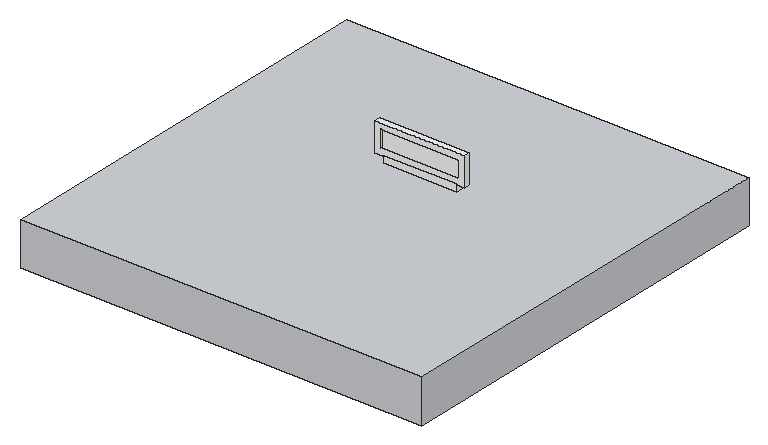
Revit family "Zumtobel EPURIA W", category Lighting Fixtures, host Face, Revit 2016
Family settings
  Host = Face
  Part Type = Normal
  Round Connector Dimension = Use Diameter
  OmniClass Number = 23.80.70.11
  OmniClass Title = Luminaries for Internal Lighting
  Cut with Voids When Loaded = No
  Light Source = Yes
  Shared = No
  Room Calculation Point = No
Parameters (values of type "EPURIA W DI 6500-940 WH LDE")
  Width = 200 mm  # constant formula
  Wattage Comments = ""
  Wattage = 43.7587 W
  built-in parameter 1150110 = 1 (stored number, unit not read)
  Voltage = 230 V
  URL = "http://www.zumtobel.com/42187610"
  Type Comments = "© Zumtobel. We reserve the right to make technical changes without prior notice."  # constant formula
  built-in parameter 1114217 = 1 (stored number, unit not read)
  Tilt Angle = -90.00°
  built-in parameter 1150109 = 1 (stored number, unit not read)
  built-in parameter 1150134 = 12
  built-in parameter 1150113 = 1 (stored number, unit not read)
  Reflector = ZG_Metal_White_Self_Illumination
  Photometric Web File = "42187610_(STD_LEO).IES"
  Model = "42187610"
  Manufacturer = "Zumtobel Lighting"  # constant formula
  built-in parameter 1150105 = 517.25 (stored number, unit not read)
  Lumens = 6500 lm
  built-in parameter 1150115 = 1 (stored number, unit not read)
  built-in parameter 1150137 = (empty or 0)
  built-in parameter 1150139 = (empty or 0)
  Length = 629 mm  # constant formula
  built-in parameter 1150112 = 1 (stored number, unit not read)
  built-in parameter 1150114 = 1 (stored number, unit not read)
  Lamp = "LED"
  built-in parameter 1150132 = 2
  built-in parameter 1150102 = (empty or 0)
  built-in parameter 1150107 = 4000 (stored number, unit not read)
  built-in parameter 1150138 = (empty or 0)
  built-in parameter 1150106 = 5.1725 (stored number, unit not read)
  Height = 38 mm  # constant formula
  Emit from Rectangle Width = 549 mm  # constant formula
  built-in parameter 1150128 = 120 mm  # constant formula
  Emit Shape Visible in Rendering = yes
  built-in parameter 1150104 = 13.8 (stored number, unit not read)
  Dimming Lamp Color Temperature Shift = <None>
  Description = "LED wall luminaire"  # constant formula
  Default Elevation = 2000 mm
  Color Filter = 16777215
  Body = ZG_Metal_White
  built-in parameter 1114218 = 1 (stored number, unit not read)
  Emit from Rectangle Length = 3048 mm
  Assembly Code = "D5020200"
  Apparent Load = 54.5 VA  # constant formula
Reference planes
  plane 1 "Center (Front/Back)": y = 0
  plane 2 "Top": z = 0
  plane 3 "Center (Left/Right)": x = 399.5
  plane 4: z = 148
Forms (mm)
  Extrusion 1, solid
    sketch origin (0, 0, 0) x (1, 0, 0) y (0, 1, 0)
      loop
        line (-1016.679, 1125) -> (-1016.679, -1737.29) -> (1803.321, -1737.29) -> (1803.321, 1125) -> (-1016.679, 1125)
    from 0 to -304.8
  Extrusion 2, solid, material "ZG_Metal_White" <- "Body"
    sketch origin (0, 0, -253.685) x (1, 0, 0) y (0, 0, 1)
      loop
        line (714, 301.685) -> (714, 501.685) -> (85, 501.685) -> (85, 301.685) -> (714, 301.685)
      loop
        line (674, 341.685) -> (674, 461.685) -> (125, 461.685) -> (125, 341.685) -> (674, 341.685)
    from -38 to 0
  Extrusion 3, solid, material "ZG_Metal_White" <- "Body"
    sketch origin (0, 0, -253.685) x (1, 0, 0) y (0, 0, 1)
      loop
        line (674, 341.685) -> (674, 461.685) -> (125, 461.685) -> (125, 341.685) -> (674, 341.685)
    from -38 to -5
  Extrusion 4, solid, material "ZG_Metal_White" <- "Body"
    sketch origin (0, 0, 0) x (1, 0, 0) y (0, 0, 1)
      loop
        line (657, 0) -> (657, 48) -> (142, 48) -> (142, 0) -> (657, 0)
    from 0 to -46
Cuts and joins
  joined: Extrusion 2, Extrusion 3
Dimensions and locks
  aligned and locked: Extrusion 1 to plane 2 "Top"
  aligned and locked: Extrusion 1 to level
Connectors
  electrical at (399.5, 23, 0), driven by "Voltage", driven by "Apparent Load"
    settings: on Extrusion 4, index 1, voltage 230 V, apparent load 54.5 VA, apparent load phase1 0 VA, apparent load phase2 0 VA, apparent load phase3 0 VA, power factor 1, load classification "Lighting", number of poles 1, system type 30, power factor state 1, is connector primary yes, connector utility no, sub classification motor no, connector description "Power"
